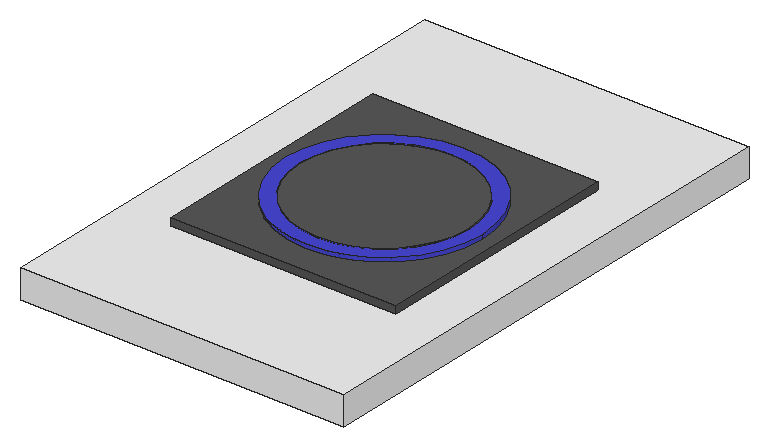
Revit family "Door-Hardware_Accessories_Hager_Exit-Switch", category Specialty Equipment, Revit 2026
Family settings
  Round Connector Dimension = Use Diameter
  Part Type = Normal
  Classification Number = 23.30.40.00
  Work Plane-Based = Yes
  Enable Cutting in Views = No
  Always vertical = No
  Cut with Voids When Loaded = No
  Maintain Annotation Orientation = No
  Shared = Yes
  Room Calculation Point = No
Parameters (values of type "2978 Touchless")
  rectanglebody [instance] = or(Rectangle Button, Rectangle and Round Button)  # yes
  Warranty Duration (Years) = 0
  URL = "http://www.hagerco.com/"
  Standards Conformance = "Sanitary Entry and Exit  ;  4in Sensor Range"
  Specification = "http://www.arcat.com/sdspecs/htm04/08_71_00hco.htm"
  SpecWizard = ""
  Send Message = ""
  Round Button = no
  Rectangle and Round Button = yes
  Button Color [instance] = Metal - Blue
  Button Accent [instance] = Metal - Black
  Rectangle Button = no
  Capacity = "as Specified"
  Sales Information = "http://www.hagerco.com/contact-us.aspx"
  Revision = "R1_2015-10"
  Product Properties = ""
  Product Data = "http://www.arcat.com/arcatcos/cos32/arc32922.html"
  Operating Temperature Range = "-20 to 120 F"
  Model = "2978"
  Manufacturer Website = "http://www.hagerco.com/"
  Manufacturer Phone - Toll Free = "800-325-9995"
  Manufacturer Phone = "314-772-4400"
  Manufacturer Fax = "800-782-0149"
  Manufacturer Address = "139 Victor St.  St. Louis, MO 63104"
  Manufacturer = "Hager Companies"
  Maintenance Schedule (Months) = 0
  Keynote = "087100"
  Installation-Fabrication = ""
  Installation Phase = ""
  Green Building-LEED = ""
  Fixture Finish [instance] = Metal - Standard US Finish as Specified
  Expected Lifespan (Years) = 0
  Electrical_Voltage [instance] = 0 V
  Drawn By = "Sumex Design, Inc. / Robert S. Weygant, CSI, CDT, SCIP"
  Description = "Hager Touchless Exit Switch - 2978 as Specified"
  Default Elevation = 0' - 0"  # constant formula
  Copyright = "©Arcat Inc."
  Construction Details = ""
  Available Options = ""
  Assembly Code = "C1020410"
Types (5): name | rectanglebody | Standards Conformance | Round Button | Rectangle and Round Button | Rectangle Button | Operating Temperature Range | Model | Description
  2978 Touchless | yes | "Sanitary Entry and Exit  ;  4in Sensor Range" | no | yes | no | "-20 to 120 F" | "2978" | "Hager Touchless Exit Switch - 2978 as Specified"
  2977 Piezoelectric | no | "Vandal Resistant  ;  Weatherized" | yes | no | no | "-40 to 120 F" | "2977" | "Hager Piezoelectric Exit Switch - 2977 as Specified"
  2973 Fixed Timer | yes | "NFPA  ;  IBC  ;  IFC  ;  California Fire Code" | no | no | yes | "-20 to 120 F" | "2973-IFT" | "Hager Fixed Timer Exit Switch - 2973-IFT as Specified"
  2972 Adjustable Timer | yes | "NFPA  ;  ADA with proper options" | no | no | yes | "-20 to 120 F" | "2972-IET" | "Hager Adjustable Timer Exit Switch - 2972-IET as Specified"
  2972 Momentary | yes | "NFPA  ;  ADA with proper options" | no | no | yes | "-20 to 120 F" | "2972-MSD" | "Hager Momentary Exit Switch - 2972-MSD as Specified"
Reference planes (in)
  plane 1 "Handle CL": y = 0
  plane 2 "Bottom": z = 0
  plane 3 "Center Rig": x = 0
  plane 4: z = 0
Forms (in)
  Extrusion 1, solid, material "Metal - Standard US Finish as Specified" <- "Fixture Finish", visible <- "rectanglebody"
    sketch origin (0, 0, 0) x (1, 0, 0) y (0, 1, 0)
      loop
        line (-1.4375, 2.25) -> (-1.4375, -2.25) -> (1.4375, -2.25) -> (1.4375, 2.25) -> (-1.4375, 2.25)
    from 0 to 0.25
  Extrusion 2, solid, material "Metal - Black" <- "Button Accent", visible <- "Rectangle Button"
    sketch origin (0, 0, 0) x (1, 0, 0) y (0, 1, 0)
      loop
        line (-1, 1.125) -> (-1, -1.125) -> (1, -1.125) -> (1, 1.125) -> (-1, 1.125)
    from 0 to 0.3125
  Extrusion 3, solid, material "Metal - Blue" <- "Button Color", visible <- "Rectangle Button"
    sketch origin (0, 0, 0) x (1, 0, 0) y (0, 1, 0)
      loop
        line (-0.875, 1) -> (-0.875, -1) -> (0.875, -1) -> (0.875, 1) -> (-0.875, 1)
    from 0 to 0.34375
  Extrusion 4, solid, material "Metal - Black" <- "Button Accent", visible <- "Round Button"
    sketch origin (0, 0, 0) x (1, 0, 0) y (0, 1, 0)
      loop
        circle (0, 0) r 0.75
    from 0 to 0.3125
  Extrusion 5, solid, material "Metal - Blue" <- "Button Color", visible <- "Round Button"
    sketch origin (0, 0, 0) x (1, 0, 0) y (0, 1, 0)
      loop
        circle (0, 0) r 0.625
    from 0 to 0.34375
  Extrusion 6, solid, material "Metal - Standard US Finish as Specified" <- "Fixture Finish", visible <- "Round Button"
    sketch origin (0, 0, 0) x (1, 0, 0) y (0, 1, 0)
      loop
        line (-1.5, 2.375) -> (-1.5, -2.375) -> (1.5, -2.375) -> (1.5, 2.375) -> (-1.5, 2.375)
    from 0 to 0.25
  Extrusion 7, solid, material "Metal - Black" <- "Button Accent", visible <- "Rectangle and Round Button"
    sketch origin (0, 0, 0) x (1, 0, 0) y (0, 1, 0)
      loop
        line (-1, 1.125) -> (-1, -1.125) -> (1, -1.125) -> (1, 1.125) -> (-1, 1.125)
    from 0 to 0.3125
  Extrusion 8, solid, material "Metal - Blue" <- "Button Color", visible <- "Rectangle and Round Button"
    sketch origin (0, 0, 0) x (1, 0, 0) y (0, 1, 0)
      loop
        circle (0, 0) r 0.875
      loop
        circle (0, 0) r 0.75
    from 0 to 0.34375
  Extrusion 9, solid, material "Metal - Black" <- "Button Accent", visible <- "Rectangle and Round Button"
    sketch origin (0, 0, 0) x (1, 0, 0) y (0, 1, 0)
      loop
        circle (0, 0) r 0.75
    from 0 to 0.34375
Dimensions and locks (in)
  plane 4 to level = 0' - 0"
